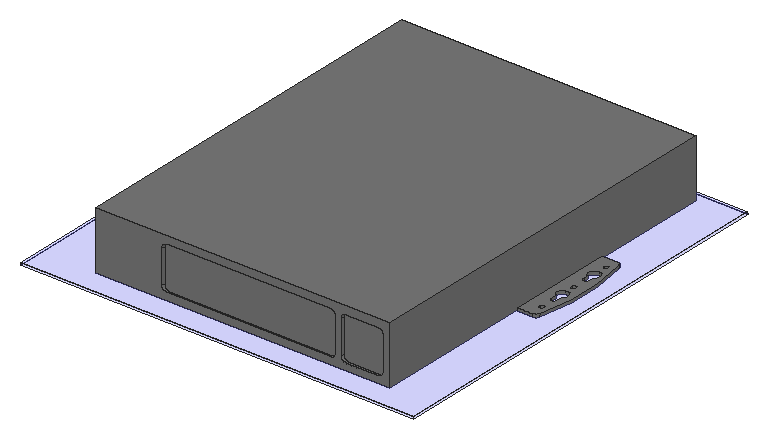
Revit family "QSC Core Nano_Surface Mount", category Generic Models, host Face, Revit 2017
Family settings
  Host = Face
  Can host rebar = No
  Round Connector Dimension = Use Diameter
  Part Type = Normal
  Cut with Voids When Loaded = No
  Shared = No
  Room Calculation Point = No
Parameters (values of type "Core Nano")
  Width = 8.660"  # constant formula
  Weight Product (lb) = 4  # constant formula
  Weight Product (kg) = 1.81  # constant formula
  URL = ""
  Show Surface Mount [instance] = yes
  Show Plenum Kit [instance] = no
  Regulatory Compliance = "FCC Part 68 / TIA-968-B; ES203 021, CE, RoHS; PTC200; NOM-151-SCTI; JATE; UL & C-UL Listed; AC; PSTN01; Industry Canada CS-03; AS/ACIF S002 & RCM; ANATEL Resolution 473"  # constant formula
  Product Page URL = "https://www.qsc.com/systems/products/q-sys-ecosystem/products-peripherals-accessories/q-sys-cores/core-nano/?L="
  Product Documentation Link = "https://www.qsc.com/systems/products/q-sys-ecosystem/products-peripherals-accessories/q-sys-cores/core-nano/?L=#c221095"
  Power Active = 40
  Model = "Core Nano"  # constant formula
  Manufacturer URL = "http://www.qsc.com"
  Manufacturer = "QSC"  # constant formula
  Height = 1.720"  # constant formula
  Heat Load Active = 110
  Face Depth = 0.0788"
  Description = "Q-SYS Network I/O Processor"  # constant formula
  Depth = 11.280"  # constant formula
  Default Elevation = 0.000"
  Enclosure Material [instance] = Dark Gray Finish
Reference planes (in)
  plane 1 "Center (Front/Back)": y = 0
  plane 2: z = 0
  plane 3 "Center (Left/Right)": x = 0
  plane 4 "Left": x = -4.33
  plane 5 "Right": x = 4.33
  plane 6 "Top": y = 5.64
  plane 7 "Bottom": y = -5.64
  plane 8 "New Top": z = 1.72
  plane 9 "Face Plance": y = -5.561
Forms (in)
  Extrusion 1, solid, material "Glass"
    sketch origin (0, 0, 0) x (1, 0, 0) y (0, 1, 0)
      loop
        line (-6, 6) -> (-6, -6.33038) -> (5.58047, -6.33038) -> (5.58047, 6) -> (-6, 6)
    from 0 to -0.079
  Extrusion 2, solid, material "Dark Gray Finish" <- "Enclosure Material", visible <- "Show Surface Mount"
    sketch origin (0, 0, 0) x (1, 0, 0) y (0, 1, 0)
      loop
        arc (-4.80811, 2.14181) -> (-4.88785, 2.11447) -> (-4.93402, 2.04394) r 0.12992
        arc (-4.93402, 2.04394) -> (-5.11556, 0.59457) -> (-4.93402, -0.8548) r 5.8765
        arc (-4.93402, -0.8548) -> (-4.88785, -0.92533) -> (-4.80811, -0.95267) r 0.12992
        line (-4.80811, -0.95267) -> (-3.88346, -0.95267)
        arc (-3.88346, -0.95267) -> (-3.80372, -0.92532) -> (-3.75755, -0.85479) r 0.12992
        arc (-3.75755, -0.85479) -> (-3.57606, 0.59457) -> (-3.75755, 2.04393) r 5.87795
        arc (-3.75755, 2.04393) -> (-3.80372, 2.11446) -> (-3.88346, 2.14181) r 0.12992
        line (-3.88346, 2.14181) -> (-4.80811, 2.14181)
      loop
        arc (-4.68437, 1.20811) -> (-4.76902, 1.51977) -> (-4.85366, 1.20811) r 0.16732
        line (-4.85366, 1.20811) -> (-4.85366, 1.04733)
        arc (-4.85366, 1.04733) -> (-4.76902, 0.96268) -> (-4.68437, 1.04733) r 0.08465
        line (-4.68437, 1.04733) -> (-4.68437, 1.20811)
      loop
        arc (-3.83791, 1.20811) -> (-3.92256, 1.51977) -> (-4.0072, 1.20811) r 0.16732
        line (-4.0072, 1.20811) -> (-4.0072, 1.04733)
        arc (-4.0072, 1.04733) -> (-3.92256, 0.96268) -> (-3.83791, 1.04733) r 0.08465
        line (-3.83791, 1.04733) -> (-3.83791, 1.20811)
      loop
        arc (-3.83398, 0.03333) -> (-3.92256, 0.3426) -> (-4.01114, 0.03333) r 0.16732
        line (-4.01114, 0.03333) -> (-4.01114, -0.12984)
        arc (-4.01114, -0.12984) -> (-3.92256, -0.21842) -> (-3.83398, -0.12984) r 0.08858
        line (-3.83398, -0.12984) -> (-3.83398, 0.03333)
      loop
        arc (-4.68043, 0.03333) -> (-4.76902, 0.3426) -> (-4.8576, 0.03333) r 0.16732
        line (-4.8576, 0.03333) -> (-4.8576, -0.12984)
        arc (-4.8576, -0.12984) -> (-4.76902, -0.21842) -> (-4.68043, -0.12984) r 0.08858
        line (-4.68043, -0.12984) -> (-4.68043, 0.03333)
      loop
        circle (-4.77295, 0.59457) r 0.06496
      loop
        circle (-4.77295, -0.58653) r 0.06496
      loop
        circle (-4.77295, 1.77567) r 0.06496
      loop
        circle (-3.91862, 1.77567) r 0.06496
      loop
        circle (-3.91862, 0.59457) r 0.06496
      loop
        circle (-3.91862, -0.58653) r 0.06496
      loop
        line (4.80811, 2.14181) -> (3.88346, 2.14181)
        arc (3.88346, 2.14181) -> (3.80372, 2.11446) -> (3.75755, 2.04393) r 0.12992
        arc (3.75755, 2.04393) -> (3.57606, 0.59457) -> (3.75755, -0.85479) r 5.87795
        arc (3.75755, -0.85479) -> (3.80372, -0.92532) -> (3.88346, -0.95267) r 0.12992
        line (3.88346, -0.95267) -> (4.80811, -0.95267)
        arc (4.80811, -0.95267) -> (4.88785, -0.92533) -> (4.93402, -0.8548) r 0.12992
        arc (4.93402, -0.8548) -> (5.11556, 0.59457) -> (4.93402, 2.04394) r 5.8765
        arc (4.93402, 2.04394) -> (4.88785, 2.11447) -> (4.80811, 2.14181) r 0.12992
      loop
        line (4.68437, 1.20811) -> (4.68437, 1.04733)
        arc (4.68437, 1.04733) -> (4.76902, 0.96268) -> (4.85366, 1.04733) r 0.08465
        line (4.85366, 1.04733) -> (4.85366, 1.20811)
        arc (4.85366, 1.20811) -> (4.76902, 1.51977) -> (4.68437, 1.20811) r 0.16732
      loop
        line (3.83791, 1.20811) -> (3.83791, 1.04733)
        arc (3.83791, 1.04733) -> (3.92256, 0.96268) -> (4.0072, 1.04733) r 0.08465
        line (4.0072, 1.04733) -> (4.0072, 1.20811)
        arc (4.0072, 1.20811) -> (3.92256, 1.51977) -> (3.83791, 1.20811) r 0.16732
      loop
        line (3.83398, 0.03333) -> (3.83398, -0.12984)
        arc (3.83398, -0.12984) -> (3.92256, -0.21842) -> (4.01114, -0.12984) r 0.08858
        line (4.01114, -0.12984) -> (4.01114, 0.03333)
        arc (4.01114, 0.03333) -> (3.92256, 0.3426) -> (3.83398, 0.03333) r 0.16732
      loop
        line (4.68043, 0.03333) -> (4.68043, -0.12984)
        arc (4.68043, -0.12984) -> (4.76902, -0.21842) -> (4.8576, -0.12984) r 0.08858
        line (4.8576, -0.12984) -> (4.8576, 0.03333)
        arc (4.8576, 0.03333) -> (4.76902, 0.3426) -> (4.68043, 0.03333) r 0.16732
      loop
        circle (4.77295, 0.59457) r 0.06496
      loop
        circle (4.77295, -0.58653) r 0.06496
      loop
        circle (4.77295, 1.77567) r 0.06496
      loop
        circle (3.91862, 1.77567) r 0.06496
      loop
        circle (3.91862, 0.59457) r 0.06496
      loop
        circle (3.91862, -0.58653) r 0.06496
    from 0 to 0.079
Dimensions and locks (in)
  equal spacing: plane 6 "Top", plane 1 "Center (Front/Back)", plane 7 "Bottom"
  "Depth": plane 6 "Top" to plane 7 "Bottom"
  equal spacing: plane 4 "Left", plane 3 "Center (Left/Right)", plane 5 "Right"
  "Width": plane 4 "Left" to plane 5 "Right"
  plane 4 "Left" to plane 5 "Right" = 8.660"
  "Height": plane 8 "New Top" to plane 2
  plane 9 "Face Plance" to plane 7 "Bottom" = 0.079"
  aligned and locked: plane 2 to Extrusion 1
  aligned and locked: level to Extrusion 1
Automatic sketch dimensions
  Extrusion 1 sketch curve to Extrusion 1 sketch curve = 11.58047"
  Extrusion 1 sketch curve to Extrusion 1 sketch curve = 12.33038"
  Extrusion 2 sketch curve to plane 1 "Center (Front/Back)" = 0.59457"  (x4)
  Extrusion 2 sketch curve to plane 4 "Left" = 5.12402"
  Extrusion 2 sketch curve to plane 1 "Center (Front/Back)" = 0.03333"  (x4)
  Extrusion 2 sketch curve to plane 4 "Left" = 0.5276"
  Extrusion 2 sketch curve to plane 4 "Left" = 0.52366"
  Extrusion 2 sketch curve to plane 4 "Left" = 0.47811"  (x2)
  Extrusion 2 sketch curve to Extrusion 2 sketch curve = 0.03516"  (x8)
  Extrusion 2 sketch curve to plane 4 "Left" = 0.44295"
  Extrusion 2 sketch curve to Extrusion 2 sketch curve = 0.08858"  (x8)
  Extrusion 2 sketch curve to Extrusion 2 sketch curve = 0.08465"  (x8)
  plane 1 "Center (Front/Back)" to Extrusion 2 sketch curve = 0.12984"  (x4)
  plane 4 "Left" to Extrusion 2 sketch curve = 0.31886"
  plane 4 "Left" to Extrusion 2 sketch curve = 0.3228"
  plane 4 "Left" to Extrusion 2 sketch curve = 0.41138"  (x3)
  Extrusion 2 sketch curve to plane 3 "Center (Left/Right)" = 0.76094"
  plane 3 "Center (Left/Right)" to Extrusion 2 sketch curve = 0.76094"
  Extrusion 2 sketch curve to plane 5 "Right" = 0.49602"
  Extrusion 2 sketch curve to plane 5 "Right" = 0.49209"
  Extrusion 2 sketch curve to plane 5 "Right" = 0.44654"  (x2)
  Extrusion 2 sketch curve to plane 5 "Right" = 0.41138"
  plane 5 "Right" to Extrusion 2 sketch curve = 0.35043"
  plane 5 "Right" to Extrusion 2 sketch curve = 0.35437"
  plane 5 "Right" to Extrusion 2 sketch curve = 0.44295"
  Extrusion 2 sketch curve to Extrusion 2 sketch curve = 0.00394"  (x2)
  Extrusion 2 sketch curve to Extrusion 2 sketch curve = 4.60035"
  plane 1 "Center (Front/Back)" to Extrusion 2 sketch curve = 0.58653"
  Extrusion 2 sketch curve to Extrusion 2 sketch curve = 0.45669"  (x3)
  Extrusion 2 sketch curve to Extrusion 2 sketch curve = 0.23622"  (x8)
  Extrusion 2 sketch curve to Extrusion 2 sketch curve = 0.12992"  (x4)
  Extrusion 2 sketch curve to Extrusion 2 sketch curve = 0.14195"  (x4)
  Extrusion 2 sketch curve to Extrusion 2 sketch curve = 0.41929"  (x4)
  Extrusion 2 sketch curve to Extrusion 2 sketch curve = 0.45276"  (x4)
  Extrusion 2 sketch curve to Extrusion 2 sketch curve = 0.16079"  (x4)
  Extrusion 2 sketch curve to Extrusion 2 sketch curve = 0.14433"  (x4)
  Extrusion 2 sketch curve to Extrusion 2 sketch curve = 0.42323"  (x4)
  Extrusion 2 sketch curve to Extrusion 2 sketch curve = 0.000"  (x4)
  radius of Extrusion 2 sketch curve = 0.06496"  (x12)
Nested families (in)
  nested 1: "QSC Core Nano_ Front Facing Rackmount" at (0, -5.561, 0.865) x (1, 0, 0) z (0, -1, 0), type "Core Nano"
    with Show Right Ear Short no, Show Right Ear Long no, Show Left Ear Short no, Show Left Ear Long no, Enclosure Material Dark Gray Finish
Connectors (in)
  electrical at (-3.20953, 5.46335, 0.86465)
    settings: on nested 1, index 9, voltage 0 V, apparent load 0 VA, apparent load phase1 0 VA, apparent load phase2 0 VA, apparent load phase3 0 VA, power factor 1, load classification "Other", number of poles 1, system type 31, power factor state 1, is connector primary yes, connector utility no, sub classification motor no, connector description "100-240 VAC"
  electrical at (0.2239, 5.44335, 0.75634)
    settings: on nested 1, index 14, voltage 0 V, apparent load 0 VA, apparent load phase1 0 VA, apparent load phase2 0 VA, apparent load phase3 0 VA, power factor 1, load classification "Other", number of poles 1, system type 14, power factor state 1, is connector primary no, connector utility no, sub classification motor no, connector description "RS232 A"
  electrical at (0.2239, 5.44335, 0.40634)
    settings: on nested 1, index 15, voltage 0 V, apparent load 0 VA, apparent load phase1 0 VA, apparent load phase2 0 VA, apparent load phase3 0 VA, power factor 1, load classification "Other", number of poles 1, system type 14, power factor state 1, is connector primary no, connector utility no, sub classification motor no, connector description "RS232 B"
  electrical at (-0.32922, 5.44335, 0.35947)
    settings: on nested 1, index 16, voltage 0 V, apparent load 0 VA, apparent load phase1 0 VA, apparent load phase2 0 VA, apparent load phase3 0 VA, power factor 1, load classification "Other", number of poles 1, system type 14, power factor state 1, is connector primary no, connector utility no, sub classification motor no, connector description "USB C"
  electrical at (-0.83547, 5.44335, 0.45322)
    settings: on nested 1, index 17, voltage 0 V, apparent load 0 VA, apparent load phase1 0 VA, apparent load phase2 0 VA, apparent load phase3 0 VA, power factor 1, load classification "Other", number of poles 1, system type 14, power factor state 1, is connector primary no, connector utility no, sub classification motor no, connector description "USB B"
  electrical at (-1.3886, 5.44335, 0.35947)
    settings: on nested 1, index 18, voltage 0 V, apparent load 0 VA, apparent load phase1 0 VA, apparent load phase2 0 VA, apparent load phase3 0 VA, power factor 1, load classification "Other", number of poles 1, system type 14, power factor state 1, is connector primary no, connector utility no, sub classification motor no, connector description "USB A"
  electrical at (-1.3886, 5.44335, 0.76884)
    settings: on nested 1, index 19, voltage 0 V, apparent load 0 VA, apparent load phase1 0 VA, apparent load phase2 0 VA, apparent load phase3 0 VA, power factor 1, load classification "Other", number of poles 1, system type 14, power factor state 1, is connector primary no, connector utility no, sub classification motor no, connector description "USB A"
  electrical at (-1.3886, 5.44335, 1.30322)
    settings: on nested 1, index 20, voltage 0 V, apparent load 0 VA, apparent load phase1 0 VA, apparent load phase2 0 VA, apparent load phase3 0 VA, power factor 1, load classification "Other", number of poles 1, system type 14, power factor state 1, is connector primary no, connector utility no, sub classification motor no, connector description "LAN A"
  electrical at (-1.9886, 5.44335, 1.30322)
    settings: on nested 1, index 21, voltage 0 V, apparent load 0 VA, apparent load phase1 0 VA, apparent load phase2 0 VA, apparent load phase3 0 VA, power factor 1, load classification "Other", number of poles 1, system type 14, power factor state 1, is connector primary no, connector utility no, sub classification motor no, connector description "LAN B"
  electrical at (-1.9886, 5.44335, 0.76884)
    settings: on nested 1, index 22, voltage 0 V, apparent load 0 VA, apparent load phase1 0 VA, apparent load phase2 0 VA, apparent load phase3 0 VA, power factor 1, load classification "Other", number of poles 1, system type 14, power factor state 1, is connector primary no, connector utility no, sub classification motor no, connector description "USB A"
  electrical at (-1.9886, 5.44335, 0.35947)
    settings: on nested 1, index 23, voltage 0 V, apparent load 0 VA, apparent load phase1 0 VA, apparent load phase2 0 VA, apparent load phase3 0 VA, power factor 1, load classification "Other", number of poles 1, system type 14, power factor state 1, is connector primary no, connector utility no, sub classification motor no, connector description "USB A"
Definition of nested family "QSC Core Nano_ Front Facing Rackmount"
  Parameters (values of type "Core Nano")
    Width = 8.660"  # constant formula
    Weight Product (lb) = 4  # constant formula
    Weight Product (kg) = 1.81  # constant formula
    URL = ""
    Show Right Ear Short [instance] = no
    Show Right Ear Long [instance] = yes
    Show Left Ear Short [instance] = yes
    Show Left Ear Long [instance] = no
    Regulatory Compliance = "FCC Part 68 / TIA-968-B; ES203 021, CE, RoHS; PTC200; NOM-151-SCTI; JATE; UL & C-UL Listed; AC; PSTN01; Industry Canada CS-03; AS/ACIF S002 & RCM; ANATEL Resolution 473"  # constant formula
    Product Page URL = "https://www.qsc.com/systems/products/q-sys-ecosystem/products-peripherals-accessories/q-sys-cores/core-nano/?L="
    Product Documentation Link = "https://www.qsc.com/systems/products/q-sys-ecosystem/products-peripherals-accessories/q-sys-cores/core-nano/?L=#c221095"
    Power Active = 40
    Model = "Core Nano"  # constant formula
    Manufacturer URL = "http://www.qsc.com"
    Manufacturer = "QSC"  # constant formula
    Height = 1.720"  # constant formula
    Heat Load Active = 110
    Face Depth = 0.0788"
    Description = "Q-SYS Network I/O Processor"  # constant formula
    Depth = 11.280"  # constant formula
    Default Elevation = 0.000"
    Enclosure Material [instance] = none
  Reference planes (in)
    plane 1 "Center (Front/Back)": y = 0
    plane 2: z = 0
    plane 3 "Center (Left/Right)": x = 0
    plane 4 "Left": x = -4.33
    plane 5 "Right": x = 4.33
    plane 6 "Top": y = 0.86
    plane 7 "Bottom": y = -0.86
    plane 8 "Back": z = -11.2012
    plane 9 "Right Extend Ear": x = 13.812
    plane 10 "Left Extend Ear": x = -13.812
    plane 11 "Left Short Ear": x = -5.1514
    plane 12 "Right Short Ear": x = 5.1514
    plane 13 "Front": z = 0.0788
  Forms (in)
    Extrusion 1, solid
      sketch origin (0, 0, 0) x (1, 0, 0) y (0, 1, 0)
        loop
          line (-14.5, 1.9685) -> (-14.5, -1.88975) -> (14.73031, -1.88975) -> (14.73031, 1.9685) -> (-14.5, 1.9685)
      from 0 to -0.079
    Extrusion 2, solid, material <- "Enclosure Material"
      sketch origin (0, -0.86, 0) x (-1, 0, 0) y (0, 0, 1)
        loop
          line (4.33, 0.0788) -> (-4.33, 0.0788) -> (-4.33, -11.2012) -> (4.33, -11.2012) -> (4.33, 0.0788)
      from 0 to 1.72 <- "Height"
    Extrusion 3, void
      sketch origin (0, 0, -11.2012) x (-1, 0, 0) y (0, -1, 0)
        loop
          line (2.83394, -0.39444) -> (3.58289, -0.39444)
          arc (3.58289, -0.39444) -> (3.66576, -0.36012) -> (3.70008, -0.27725) r 0.11719
          line (3.70008, -0.27725) -> (3.70008, 0.04564)
          arc (3.70008, 0.04564) -> (3.69413, 0.07554) -> (3.6772, 0.10088) r 0.07813
          line (3.6772, 0.10088) -> (3.52611, 0.25197)
          arc (3.52611, 0.25197) -> (3.50077, 0.26891) -> (3.47087, 0.27485) r 0.07813
          line (3.47087, 0.27485) -> (2.94504, 0.27485)
          arc (2.94504, 0.27485) -> (2.91514, 0.26891) -> (2.88979, 0.25197) r 0.07813
          line (2.88979, 0.25197) -> (2.73871, 0.10088)
          arc (2.73871, 0.10088) -> (2.72177, 0.07554) -> (2.71583, 0.04564) r 0.07813
          line (2.71583, 0.04564) -> (2.71583, -0.27633)
          arc (2.71583, -0.27633) -> (2.75042, -0.35985) -> (2.83394, -0.39444) r 0.11811
        loop
          line (-0.46652, 0.30212) -> (0.01872, 0.30212) -> (0.01872, 0.6152) -> (-0.46652, 0.6152) -> (-0.46652, 0.30212)
        loop
          line (-0.46652, -0.04788) -> (0.01872, -0.04788) -> (0.01872, 0.2652) -> (-0.46652, 0.2652) -> (-0.46652, -0.04788)
        loop
          line (0.13348, 0.39587) -> (0.52497, 0.39587) -> (0.52497, 0.6152) -> (0.13348, 0.6152) -> (0.13348, 0.39587)
        loop
          line (0.63973, 0.20837) -> (1.03122, 0.20837) -> (1.03122, 0.6152) -> (0.63973, 0.6152) -> (0.63973, 0.20837)
        loop
          line (1.14598, 0.39587) -> (1.63122, 0.39587) -> (1.63122, 0.6152) -> (1.14598, 0.6152) -> (1.14598, 0.39587)
        loop
          line (1.74598, 0.39587) -> (2.23122, 0.39587) -> (2.23122, 0.6152) -> (1.74598, 0.6152) -> (1.74598, 0.39587)
        loop
          line (1.14598, -0.01351) -> (1.63122, -0.01351) -> (1.63122, 0.20582) -> (1.14598, 0.20582) -> (1.14598, -0.01351)
        loop
          line (1.74598, -0.01351) -> (2.23122, -0.01351) -> (2.23122, 0.20582) -> (1.74598, 0.20582) -> (1.74598, -0.01351)
        loop
          line (1.14598, -0.62601) -> (1.63122, -0.62601) -> (1.63122, -0.25043) -> (1.14598, -0.25043) -> (1.14598, -0.62601)
        loop
          line (1.74598, -0.62601) -> (2.23122, -0.62601) -> (2.23122, -0.25043) -> (1.74598, -0.25043) -> (1.74598, -0.62601)
      from 0 to 0.19685
    Extrusion 4, void
      sketch origin (-16.742, -179.90625, 0.0788) x (0, -1, 0) y (-1, 0, 0)
        loop
          line (-180.54692, -14.52475) -> (-180.54692, -19.33043)
          arc (-180.54692, -19.33043) -> (-180.50115, -19.44092) -> (-180.39067, -19.48668) r 0.15625
          line (-180.39067, -19.48668) -> (-179.40912, -19.48668)
          arc (-179.40912, -19.48668) -> (-179.29864, -19.44092) -> (-179.25287, -19.33043) r 0.15625
          line (-179.25287, -19.33043) -> (-179.25287, -14.52475)
          arc (-179.25287, -14.52475) -> (-179.29864, -14.41427) -> (-179.40912, -14.3685) r 0.15625
          line (-179.40912, -14.3685) -> (-180.39067, -14.3685)
          arc (-180.39067, -14.3685) -> (-180.50115, -14.41427) -> (-180.54692, -14.52475) r 0.15625
      from 0 to 0.079
    Extrusion 5, solid, material <- "Enclosure Material", visible <- "Show Left Ear Short"
      sketch origin (0, 0, 0) x (1, 0, 0) y (0, 1, 0)
        loop
          arc (-5.02634, 0.86) -> (-5.11473, 0.82339) -> (-5.1514, 0.735) r 0.125
          line (-5.1514, 0.735) -> (-5.15134, -0.735)
          arc (-5.15134, -0.735) -> (-5.11473, -0.82339) -> (-5.02634, -0.86) r 0.125
          line (-5.02634, -0.86) -> (-4.33, -0.86) -> (-4.33, 0.86) -> (-5.02634, 0.86)
        loop
          line (-4.7537, 0.76059) -> (-4.8915, 0.76059)
          arc (-4.8915, 0.76059) -> (-5.0251, 0.63502) -> (-4.90803, 0.4939) r 0.13386
          arc (-4.90803, 0.4939) -> (-4.8226, 0.40843) -> (-4.73717, 0.4939) r 0.08543
          arc (-4.73717, 0.4939) -> (-4.6201, 0.63502) -> (-4.7537, 0.76059) r 0.13386
        loop
          arc (-4.7537, -0.74713) -> (-4.6201, -0.62155) -> (-4.73717, -0.48043) r 0.13386
          arc (-4.73717, -0.48043) -> (-4.8226, -0.39496) -> (-4.90803, -0.48043) r 0.08543
          arc (-4.90803, -0.48043) -> (-5.0251, -0.62155) -> (-4.8915, -0.74713) r 0.13386
          line (-4.8915, -0.74713) -> (-4.7537, -0.74713)
      from 0 to 0.0788 <- "Face Depth"
    Extrusion 6, solid, material <- "Enclosure Material", visible <- "Show Right Ear Short"
      sketch origin (0, 0, 0) x (-1, 0, 0) y (0, -1, 0)
        loop
          line (-5.02634, -0.86) -> (-4.33, -0.86) -> (-4.33, 0.86) -> (-5.02634, 0.86)
          arc (-5.02634, 0.86) -> (-5.11473, 0.82339) -> (-5.15134, 0.735) r 0.125
          line (-5.15134, 0.735) -> (-5.1514, -0.735)
          arc (-5.1514, -0.735) -> (-5.11473, -0.82339) -> (-5.02634, -0.86) r 0.125
        loop
          arc (-4.7537, -0.76059) -> (-4.6201, -0.63502) -> (-4.73717, -0.4939) r 0.13386
          arc (-4.73717, -0.4939) -> (-4.8226, -0.40843) -> (-4.90803, -0.4939) r 0.08543
          arc (-4.90803, -0.4939) -> (-5.0251, -0.63502) -> (-4.8915, -0.76059) r 0.13386
          line (-4.8915, -0.76059) -> (-4.7537, -0.76059)
        loop
          line (-4.7537, 0.74713) -> (-4.8915, 0.74713)
          arc (-4.8915, 0.74713) -> (-5.0251, 0.62155) -> (-4.90803, 0.48043) r 0.13386
          arc (-4.90803, 0.48043) -> (-4.8226, 0.39496) -> (-4.73717, 0.48043) r 0.08543
          arc (-4.73717, 0.48043) -> (-4.6201, 0.62155) -> (-4.7537, 0.74713) r 0.13386
      from 0 to 0.0788 <- "Face Depth"
    Extrusion 7, solid, material <- "Enclosure Material", visible <- "Show Right Ear Long"
      sketch origin (0, 0, 0) x (-1, 0, 0) y (0, -1, 0)
        loop
          arc (-13.55432, -0.49287) -> (-13.68818, -0.62673) -> (-13.55432, -0.76059) r 0.13386
          line (-13.55432, -0.76059) -> (-13.41653, -0.76059)
          arc (-13.41653, -0.76059) -> (-13.28267, -0.62673) -> (-13.41653, -0.49287) r 0.13386
          line (-13.41653, -0.49287) -> (-13.55432, -0.49287)
        loop
          arc (-13.55432, 0.74713) -> (-13.68818, 0.61327) -> (-13.55432, 0.47941) r 0.13386
          line (-13.55432, 0.47941) -> (-13.41653, 0.47941)
          arc (-13.41653, 0.47941) -> (-13.28267, 0.61327) -> (-13.41653, 0.74713) r 0.13386
          line (-13.41653, 0.74713) -> (-13.55432, 0.74713)
        loop
          line (-13.812, 0.735) -> (-13.812, -0.735)
          arc (-13.812, -0.735) -> (-13.77539, -0.82339) -> (-13.687, -0.86) r 0.125
          line (-13.687, -0.86) -> (-4.33, -0.86) -> (-4.33, 0.86) -> (-13.687, 0.86)
          arc (-13.687, 0.86) -> (-13.77539, 0.82339) -> (-13.812, 0.735) r 0.125
      from 0 to 0.0788 <- "Face Depth"
    Extrusion 8, solid, material <- "Enclosure Material", visible <- "Show Left Ear Long"
      sketch origin (0, 0, 0) x (1, 0, 0) y (0, 1, 0)
        loop
          line (-13.55432, 0.49287) -> (-13.41653, 0.49287)
          arc (-13.41653, 0.49287) -> (-13.28267, 0.62673) -> (-13.41653, 0.76059) r 0.13386
          line (-13.41653, 0.76059) -> (-13.55432, 0.76059)
          arc (-13.55432, 0.76059) -> (-13.68818, 0.62673) -> (-13.55432, 0.49287) r 0.13386
        loop
          line (-13.55432, -0.74713) -> (-13.41653, -0.74713)
          arc (-13.41653, -0.74713) -> (-13.28267, -0.61327) -> (-13.41653, -0.47941) r 0.13386
          line (-13.41653, -0.47941) -> (-13.55432, -0.47941)
          arc (-13.55432, -0.47941) -> (-13.68818, -0.61327) -> (-13.55432, -0.74713) r 0.13386
        loop
          arc (-13.812, -0.735) -> (-13.77539, -0.82339) -> (-13.687, -0.86) r 0.125
          line (-13.687, -0.86) -> (-4.33, -0.86) -> (-4.33, 0.86) -> (-13.687, 0.86)
          arc (-13.687, 0.86) -> (-13.77539, 0.82339) -> (-13.812, 0.735) r 0.125
          line (-13.812, 0.735) -> (-13.812, -0.735)
      from 0 to 0.0788 <- "Face Depth"
    Extrusion 9, void
      sketch origin (-11.46075, -179.90625, 0.0788) x (0, -1, 0) y (-1, 0, 0)
        loop
          line (-180.54692, -14.52175) -> (-180.54692, -15.45349)
          arc (-180.54692, -15.45349) -> (-180.50115, -15.56398) -> (-180.39067, -15.60974) r 0.15625
          line (-180.39067, -15.60974) -> (-179.40912, -15.60974)
          arc (-179.40912, -15.60974) -> (-179.29864, -15.56398) -> (-179.25287, -15.45349) r 0.15625
          line (-179.25287, -15.45349) -> (-179.25287, -14.52175)
          arc (-179.25287, -14.52175) -> (-179.29864, -14.41127) -> (-179.40912, -14.3655) r 0.15625
          line (-179.40912, -14.3655) -> (-180.39067, -14.3655)
          arc (-180.39067, -14.3655) -> (-180.50115, -14.41127) -> (-180.54692, -14.52175) r 0.15625
      from 0 to 0.079
  Cuts and joins
    Extrusion 3, Extrusion 4, Extrusion 9 cuts Extrusion 2
  Lines and regions (in)
    model lines, detail levels fine
      curve 1: line (-3.29089, 0.35869, 0.0788) -> (-3.38738, 0.48582, 0.0788)
      curve 2: line (-3.38738, 0.48582, 0.0788) -> (-3.29089, 0.35869, 0.0788)
      curve 3: line (-3.7372, 0.37457, 0.0788) -> (-3.70075, 0.5057, 0.0788)
      curve 4: line (-3.70075, 0.5057, 0.0788) -> (-3.7372, 0.37457, 0.0788)
      curve 5: line (-3.67631, 0.28774, 0.0788) -> (-3.70352, 0.53041, 0.0788)
      curve 6: line (-3.70352, 0.53041, 0.0788) -> (-3.67631, 0.28774, 0.0788)
      curve 7: line (-3.16169, 0.45752, 0.0788) -> (-3.07565, 0.39431, 0.0788)
      curve 8: line (-3.07565, 0.39431, 0.0788) -> (-3.16169, 0.45752, 0.0788)
    model lines, not visible, detail levels fine
      curve 9: line (-3.35339, 0.42119, 0.0788) -> (-3.44988, 0.54832, 0.0788)
      curve 10: line (-3.44988, 0.54832, 0.0788) -> (-3.35339, 0.42119, 0.0788)
      curve 11: line (-3.7997, 0.43707, 0.0788) -> (-3.76325, 0.5682, 0.0788)
      curve 12: line (-3.76325, 0.5682, 0.0788) -> (-3.7997, 0.43707, 0.0788)
      curve 13: line (-3.73881, 0.35024, 0.0788) -> (-3.76602, 0.59291, 0.0788)
      curve 14: line (-3.76602, 0.59291, 0.0788) -> (-3.73881, 0.35024, 0.0788)
      curve 15: line (-3.22419, 0.52002, 0.0788) -> (-3.13815, 0.45681, 0.0788)
      curve 16: line (-3.13815, 0.45681, 0.0788) -> (-3.22419, 0.52002, 0.0788)
  Dimensions and locks (in)
    equal spacing: plane 6 "Top", plane 1 "Center (Front/Back)", plane 7 "Bottom"
    "Height": plane 6 "Top" to plane 7 "Bottom"
    equal spacing: plane 4 "Left", plane 3 "Center (Left/Right)", plane 5 "Right"
    "Width": plane 4 "Left" to plane 5 "Right"
    plane 4 "Left" to plane 5 "Right" = 8.660"
    plane 5 "Right" to plane 9 "Right Extend Ear" = 9.482"
    plane 10 "Left Extend Ear" to plane 4 "Left" = 9.482"
    plane 11 "Left Short Ear" to plane 4 "Left" = 0.8214"
    plane 5 "Right" to plane 12 "Right Short Ear" = 0.8214"
    "Face Depth": plane 13 "Front" to plane 2
    "Depth": plane 13 "Front" to plane 8 "Back"
    aligned and locked: plane 2 to Extrusion 1
    aligned and locked: level to Extrusion 1
    aligned and locked: plane 4 "Left" to Extrusion 2 sketch curve
    aligned and locked: plane 8 "Back" to Extrusion 2 sketch curve
    aligned and locked: Extrusion 2 sketch curve to plane 5 "Right"
    aligned and locked: Extrusion 2 sketch curve to plane 13 "Front"
    aligned and locked: Extrusion 5 sketch curve to plane 6 "Top"
    aligned and locked: plane 11 "Left Short Ear" to Extrusion 5 sketch curve
    aligned and locked: cut or joined group of Extrusion 2, Extrusion 3, Extrusion 4, Extrusion 9 to Extrusion 5 sketch curve
    aligned and locked: Extrusion 5 sketch curve to cut or joined group of Extrusion 2, Extrusion 3, Extrusion 4, Extrusion 9
    aligned and locked: cut or joined group of Extrusion 2, Extrusion 3, Extrusion 4, Extrusion 9 to Extrusion 7 sketch curve
    aligned and locked: plane 9 "Right Extend Ear" to Extrusion 7 sketch curve
    aligned and locked: Extrusion 7 sketch curve to plane 7 "Bottom"
    aligned and locked: Extrusion 7 sketch curve to plane 6 "Top"
  Automatic sketch dimensions
    curve 7 to curve 8 = 0.000"  (x4)
    curve 8 to curve 7 = 0.10677"
    curve 2 to curve 7 = 0.16267"
    curve 1 to curve 2 = 0.000"  (x5)
    curve 1 to curve 2 = 0.15959"
    curve 2 to curve 1 = 0.000"  (x3)
    curve 5 to curve 1 = 0.35031"
    curve 6 to curve 5 = 0.000"  (x4)
    curve 4 to curve 5 = 0.21933"
    curve 3 to curve 4 = 0.000"  (x4)
    curve 6 to curve 3 = 0.02487"
    curve 5 to curve 6 = 0.000"  (x4)
    curve 3 to curve 5 = 0.10605"
    curve 4 to curve 3 = 0.000"  (x2)
    curve 6 to curve 2 = 0.3919"
    curve 5 to curve 4 = 0.10605"
    curve 1 to curve 7 = 0.21817"
    curve 8 to curve 7 = 0.000"  (x4)
    curve 7 to curve 8 = 0.10677"
    curve 2 to curve 1 = 0.15959"
    curve 4 to curve 4 = 0.13611"
    curve 7 to curve 7 = 0.08604"
    curve 7 to curve 2 = 0.1292"
    curve 1 to curve 1 = 0.09649"
    curve 1 to curve 6 = 0.28894"
    curve 5 to curve 4 = 0.02444"
    curve 3 to curve 5 = 0.00277"
    curve 5 to curve 4 = 0.06089"
    curve 5 to curve 4 = 0.02471"
    curve 3 to curve 2 = 0.01989"
    curve 1 to curve 7 = 0.02829"
    curve 8 to curve 7 = 0.06321"
    curve 1 to curve 2 = 0.12712"
    curve 3 to curve 5 = 0.08683"
    curve 15 to curve 16 = 0.000"
    curve 15 to curve 15 = 0.08604"
    curve 16 to curve 15 = 0.000"  (x3)
    curve 15 to curve 10 = 0.1292"
    curve 9 to curve 10 = 0.000"  (x3)
    curve 9 to curve 9 = 0.09649"
    curve 10 to curve 9 = 0.000"
    curve 9 to curve 14 = 0.28894"
    curve 13 to curve 14 = 0.000"  (x2)
    curve 13 to curve 12 = 0.02444"
    curve 11 to curve 12 = 0.000"  (x2)
    curve 11 to curve 13 = 0.00277"
    curve 14 to curve 13 = 0.000"  (x2)
    curve 13 to curve 12 = 0.06089"
    curve 13 to curve 12 = 0.02471"
    curve 11 to curve 10 = 0.01989"
    curve 9 to curve 15 = 0.02829"
    curve 16 to curve 15 = 0.06321"
    curve 12 to curve 11 = 0.000"
    curve 9 to curve 10 = 0.12712"
    curve 11 to curve 13 = 0.08683"
    Extrusion 1 sketch curve to Extrusion 1 sketch curve = 29.23031"
    Extrusion 1 sketch curve to Extrusion 1 sketch curve = 3.85825"
    Extrusion 4 sketch curve to plane 6 "Top" = 0.21933"
    Extrusion 4 sketch curve to Extrusion 4 sketch curve = 0.15625"  (x3)
    plane 7 "Bottom" to Extrusion 4 sketch curve = 0.36287"  (x2)
    plane 4 "Left" to Extrusion 4 sketch curve = 1.9565"
    Extrusion 4 sketch curve to plane 5 "Right" = 1.74157"
    plane 11 "Left Short Ear" to Extrusion 5 sketch curve = 0.12506"  (x2)
    Extrusion 5 sketch curve to Extrusion 5 sketch curve = 0.13484"  (x2)
    Extrusion 5 sketch curve to Extrusion 5 sketch curve = 0.0689"  (x2)
    Extrusion 5 sketch curve to Extrusion 5 sketch curve = 0.1378"  (x2)
    plane 7 "Bottom" to Extrusion 5 sketch curve = 0.11287"
    plane 7 "Bottom" to Extrusion 5 sketch curve = 0.125"
    Extrusion 5 sketch curve to Extrusion 5 sketch curve = 0.13386"  (x2)
    Extrusion 5 sketch curve to Extrusion 5 sketch curve = 0.13287"  (x2)
    Extrusion 5 sketch curve to plane 6 "Top" = 0.36614"
    Extrusion 5 sketch curve to Extrusion 5 sketch curve = 0.000"  (x3)
    Extrusion 5 sketch curve to Extrusion 5 sketch curve = 0.125"
    Extrusion 5 sketch curve to plane 6 "Top" = 0.09941"
    Extrusion 5 sketch curve to Extrusion 5 sketch curve = 0.08543"  (x2)
    Extrusion 6 sketch curve to plane 12 "Right Short Ear" = 0.000"
    Extrusion 6 sketch curve to plane 7 "Bottom" = 0.000"
    Extrusion 6 sketch curve to plane 6 "Top" = 0.000"
    Extrusion 6 sketch curve to plane 5 "Right" = 0.000"
    plane 12 "Right Short Ear" to Extrusion 6 sketch curve = 0.12506"  (x2)
    Extrusion 6 sketch curve to Extrusion 6 sketch curve = 0.13484"  (x2)
    Extrusion 6 sketch curve to Extrusion 6 sketch curve = 0.0689"  (x2)
    Extrusion 6 sketch curve to Extrusion 6 sketch curve = 0.1378"  (x2)
    Extrusion 6 sketch curve to plane 7 "Bottom" = 0.11287"
    Extrusion 6 sketch curve to Extrusion 6 sketch curve = 0.125"
    Extrusion 6 sketch curve to Extrusion 6 sketch curve = 0.13386"  (x2)
    Extrusion 6 sketch curve to Extrusion 6 sketch curve = 0.13287"  (x2)
    plane 6 "Top" to Extrusion 6 sketch curve = 0.36614"
    Extrusion 6 sketch curve to Extrusion 6 sketch curve = 0.000"  (x3)
    plane 6 "Top" to Extrusion 6 sketch curve = 0.125"
    plane 6 "Top" to Extrusion 6 sketch curve = 0.09941"
    Extrusion 6 sketch curve to Extrusion 6 sketch curve = 0.08543"  (x2)
    plane 9 "Right Extend Ear" to Extrusion 7 sketch curve = 0.125"
    Extrusion 7 sketch curve to Extrusion 7 sketch curve = 0.125"
    Extrusion 7 sketch curve to Extrusion 7 sketch curve = 0.13268"  (x2)
    Extrusion 7 sketch curve to Extrusion 7 sketch curve = 0.1378"  (x2)
    Extrusion 7 sketch curve to plane 7 "Bottom" = 0.11287"
    Extrusion 7 sketch curve to Extrusion 7 sketch curve = 0.13386"  (x2)
    Extrusion 7 sketch curve to Extrusion 7 sketch curve = 0.24213"
    Extrusion 8 sketch curve to plane 10 "Left Extend Ear" = 0.000"
    Extrusion 8 sketch curve to plane 6 "Top" = 0.000"
    Extrusion 8 sketch curve to plane 7 "Bottom" = 0.000"
    Extrusion 8 sketch curve to plane 4 "Left" = 0.000"
    plane 10 "Left Extend Ear" to Extrusion 8 sketch curve = 0.125"
    Extrusion 8 sketch curve to Extrusion 8 sketch curve = 0.125"
    Extrusion 8 sketch curve to Extrusion 8 sketch curve = 0.13268"  (x2)
    Extrusion 8 sketch curve to Extrusion 8 sketch curve = 0.1378"  (x2)
    plane 7 "Bottom" to Extrusion 8 sketch curve = 0.11287"
    Extrusion 8 sketch curve to Extrusion 8 sketch curve = 0.13386"  (x2)
    Extrusion 8 sketch curve to Extrusion 8 sketch curve = 0.24213"
    Extrusion 9 sketch curve to plane 6 "Top" = 0.21933"
    Extrusion 9 sketch curve to Extrusion 9 sketch curve = 0.15625"  (x3)
    plane 7 "Bottom" to Extrusion 9 sketch curve = 0.36287"  (x2)
    Extrusion 9 sketch curve to plane 5 "Right" = 1.42525"
    Extrusion 9 sketch curve to plane 12 "Right Short Ear" = 1.15866"
    Extrusion 3 sketch curve to plane 1 "Center (Front/Back)" = 0.04788"
    Extrusion 3 sketch curve to Extrusion 3 sketch curve = 0.000"  (x11)
    Extrusion 3 sketch curve to plane 3 "Center (Left/Right)" = 0.01872"  (x2)
    Extrusion 3 sketch curve to plane 3 "Center (Left/Right)" = 0.13348"
    Extrusion 3 sketch curve to Extrusion 3 sketch curve = 0.39149"  (x2)
    Extrusion 3 sketch curve to Extrusion 3 sketch curve = 0.11476"  (x4)
    Extrusion 3 sketch curve to plane 1 "Center (Front/Back)" = 0.25043"  (x2)
    Extrusion 3 sketch curve to Extrusion 3 sketch curve = 0.48524"  (x2)
    plane 1 "Center (Front/Back)" to Extrusion 3 sketch curve = 0.04564"  (x2)
    Extrusion 3 sketch curve to Extrusion 3 sketch curve = 0.48461"
    plane 1 "Center (Front/Back)" to Extrusion 3 sketch curve = 0.10088"  (x2)
    Extrusion 3 sketch curve to Extrusion 3 sketch curve = 0.02288"
    Extrusion 3 sketch curve to Extrusion 3 sketch curve = 0.11811"
    plane 1 "Center (Front/Back)" to Extrusion 3 sketch curve = 0.25197"  (x2)
    Extrusion 3 sketch curve to Extrusion 3 sketch curve = 0.15109"  (x2)
    Extrusion 3 sketch curve to Extrusion 3 sketch curve = 0.05524"  (x3)
    plane 1 "Center (Front/Back)" to Extrusion 3 sketch curve = 0.19673"
    Extrusion 3 sketch curve to Extrusion 3 sketch curve = 0.52583"
    Extrusion 3 sketch curve to Extrusion 3 sketch curve = 0.11202"
    Extrusion 3 sketch curve to plane 1 "Center (Front/Back)" = 0.39444"
    Extrusion 3 sketch curve to plane 1 "Center (Front/Back)" = 0.62601"  (x2)
    Extrusion 3 sketch curve to Extrusion 3 sketch curve = 0.23692"  (x2)
    Extrusion 3 sketch curve to Extrusion 3 sketch curve = 0.22188"
    plane 1 "Center (Front/Back)" to Extrusion 3 sketch curve = 0.2652"
    Extrusion 3 sketch curve to Extrusion 3 sketch curve = 0.03692"
    Extrusion 3 sketch curve to Extrusion 3 sketch curve = 0.21933"  (x2)
    Extrusion 3 sketch curve to Extrusion 3 sketch curve = 0.00254"
    Extrusion 3 sketch curve to Extrusion 3 sketch curve = 0.19004"  (x2)
    Extrusion 3 sketch curve to Extrusion 3 sketch curve = 0.09375"
    plane 7 "Bottom" to Extrusion 3 sketch curve = 0.2448"
    plane 3 "Center (Left/Right)" to Extrusion 3 sketch curve = 0.46652"
  Connectors (in)
    electrical at (-3.20803, -0.00035, -11.00435)
      settings: on cut or joined group of Extrusion 2, Extrusion 3, Extrusion 4, Extrusion 9, index 1, voltage 120 V, apparent load 0 VA, apparent load phase1 1.2 VA, apparent load phase2 0 VA, apparent load phase3 0 VA, power factor 1, load classification none, number of poles 1, system type 31, power factor state 1, is connector primary no, connector utility no, sub classification motor no, connector description "120VAC"
    electrical at (0.2239, -0.10866, -11.00435)
      settings: on cut or joined group of Extrusion 2, Extrusion 3, Extrusion 4, Extrusion 9, index 6, voltage 0 V, apparent load 0 VA, apparent load phase1 0 VA, apparent load phase2 0 VA, apparent load phase3 0 VA, power factor 1, load classification none, number of poles 1, system type 14, power factor state 1, is connector primary no, connector utility no, sub classification motor no, connector description "RS232 A"
    electrical at (0.2239, -0.45866, -11.00435)
      settings: on cut or joined group of Extrusion 2, Extrusion 3, Extrusion 4, Extrusion 9, index 7, voltage 0 V, apparent load 0 VA, apparent load phase1 0 VA, apparent load phase2 0 VA, apparent load phase3 0 VA, power factor 1, load classification none, number of poles 1, system type 14, power factor state 1, is connector primary no, connector utility no, sub classification motor no, connector description "RS232 B"
    electrical at (-0.32922, -0.50553, -11.00435)
      settings: on cut or joined group of Extrusion 2, Extrusion 3, Extrusion 4, Extrusion 9, index 8, voltage 0 V, apparent load 0 VA, apparent load phase1 0 VA, apparent load phase2 0 VA, apparent load phase3 0 VA, power factor 1, load classification none, number of poles 1, system type 14, power factor state 1, is connector primary no, connector utility no, sub classification motor no, connector description "USB C"
    electrical at (-0.83547, -0.41178, -11.00435)
      settings: on cut or joined group of Extrusion 2, Extrusion 3, Extrusion 4, Extrusion 9, index 9, voltage 0 V, apparent load 0 VA, apparent load phase1 0 VA, apparent load phase2 0 VA, apparent load phase3 0 VA, power factor 1, load classification none, number of poles 1, system type 14, power factor state 1, is connector primary no, connector utility no, sub classification motor no, connector description "USB B"
    electrical at (-1.3886, -0.50553, -11.00435)
      settings: on cut or joined group of Extrusion 2, Extrusion 3, Extrusion 4, Extrusion 9, index 10, voltage 0 V, apparent load 0 VA, apparent load phase1 0 VA, apparent load phase2 0 VA, apparent load phase3 0 VA, power factor 1, load classification none, number of poles 1, system type 14, power factor state 1, is connector primary no, connector utility no, sub classification motor no, connector description "USB A"
    electrical at (-1.3886, -0.09616, -11.00435)
      settings: on cut or joined group of Extrusion 2, Extrusion 3, Extrusion 4, Extrusion 9, index 11, voltage 0 V, apparent load 0 VA, apparent load phase1 0 VA, apparent load phase2 0 VA, apparent load phase3 0 VA, power factor 1, load classification none, number of poles 1, system type 14, power factor state 1, is connector primary no, connector utility no, sub classification motor no, connector description "USB A"
    electrical at (-1.9886, -0.09616, -11.00435)
      settings: on cut or joined group of Extrusion 2, Extrusion 3, Extrusion 4, Extrusion 9, index 12, voltage 0 V, apparent load 0 VA, apparent load phase1 0 VA, apparent load phase2 0 VA, apparent load phase3 0 VA, power factor 1, load classification none, number of poles 1, system type 14, power factor state 1, is connector primary no, connector utility no, sub classification motor no, connector description "USB A"
    electrical at (-1.9886, -0.50553, -11.00435)
      settings: on cut or joined group of Extrusion 2, Extrusion 3, Extrusion 4, Extrusion 9, index 13, voltage 0 V, apparent load 0 VA, apparent load phase1 0 VA, apparent load phase2 0 VA, apparent load phase3 0 VA, power factor 1, load classification none, number of poles 1, system type 14, power factor state 1, is connector primary no, connector utility no, sub classification motor no, connector description "USB A"
    electrical at (-1.9886, 0.43822, -11.00435)
      settings: on cut or joined group of Extrusion 2, Extrusion 3, Extrusion 4, Extrusion 9, index 14, voltage 0 V, apparent load 0 VA, apparent load phase1 0 VA, apparent load phase2 0 VA, apparent load phase3 0 VA, power factor 1, load classification none, number of poles 1, system type 14, power factor state 1, is connector primary no, connector utility no, sub classification motor no, connector description "LAN B"
    electrical at (-1.3886, 0.43822, -11.00435)
      settings: on cut or joined group of Extrusion 2, Extrusion 3, Extrusion 4, Extrusion 9, index 15, voltage 0 V, apparent load 0 VA, apparent load phase1 0 VA, apparent load phase2 0 VA, apparent load phase3 0 VA, power factor 1, load classification none, number of poles 1, system type 14, power factor state 1, is connector primary no, connector utility no, sub classification motor no, connector description "LAN A"
    electrical at (-3.20803, -0.00035, -11.00435)
      settings: on cut or joined group of Extrusion 2, Extrusion 3, Extrusion 4, Extrusion 9, index 16, voltage 0 V, apparent load 0 VA, apparent load phase1 0 VA, apparent load phase2 0 VA, apparent load phase3 0 VA, power factor 1, load classification none, number of poles 1, system type 31, power factor state 1, is connector primary yes, connector utility no, sub classification motor no, connector description "100-240 VAC"
